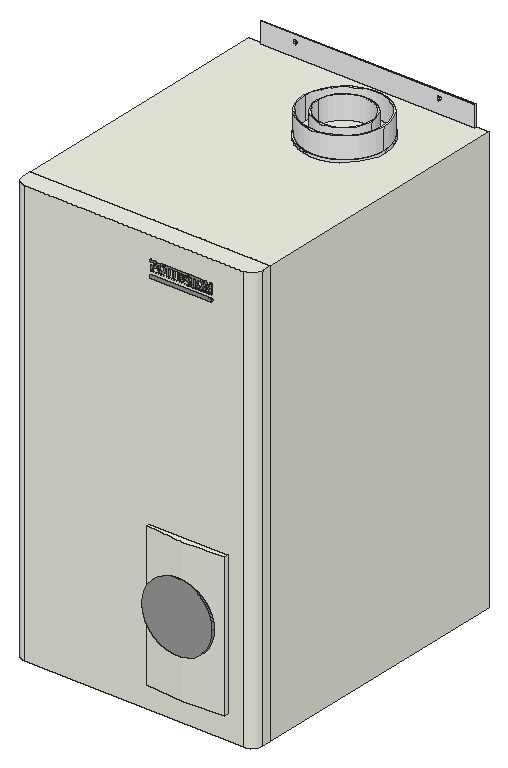
Revit family "Paramount Three 95", category Mechanical Equipment, Revit 2012
Parameters
  Weight (Full) (kg) = 91.8
  URL = "http://www.pottertoncommercial.co.uk/products_details.php?product=paramount_three"
  Seasonal Boiler Efficiency (%) = 95
  Power Consumption (W) = 170
  Model = "Paramount Three 95"
  Maximum Output @ 80/60°C (kW) = 92.2
  Manufacturer = "Potterton Commercial"
  Duct Connector Radius [instance] = if([110mm Flue], 55 mm, if([150mm Flue], 75 mm, 0 mm))  # 55 mm
  Description = "Wall Hung Condensing Boiler"
  110mm Flue [instance] = yes
  150mm Flue [instance] = no
Reference planes
  plane 1 "Center (Front/Back)": y = 0
  plane 2: z = 0
  plane 3 "Center (Left/Right)": x = 0
  plane 4: y = 0
  plane 5: y = -21.5
  plane 6: y = -151.5
  plane 7: y = -151.5
  plane 8: y = -151.5
  plane 9: y = -415.5
  plane 10: y = -285.5
  plane 11: x = 240
  plane 12: x = -240
  plane 13: x = -77
  plane 14: y = -314.5
  plane 15: x = -91.5
Forms (mm)
  Extrusion 1, solid, material "Potterton Paramount Three - Body"
    sketch origin (0, -37.5, 0) x (-1, 0, 0) y (0, -1, 0)
      loop
        line (-240, -37.5) -> (240, -37.5) -> (240, 526.5)
        arc (240, 526.5) -> (233.849, 541.349) -> (219, 547.5) r 21
        line (219, 547.5) -> (-219, 547.5)
        arc (-219, 547.5) -> (-233.849, 541.349) -> (-240, 526.5) r 21
        line (-240, 526.5) -> (-240, -37.5)
    from 0 to 851
  Extrusion 2, solid, material "Potterton Paramount Three - Steel"
    sketch origin (0, 0, 0) x (-1, 0, 0) y (0, 0, 1)
      loop
        line (214, 851) -> (214, 892) -> (-214, 892) -> (-214, 851) -> (214, 851)
      loop
        circle (144, 879) r 4.5
      loop
        circle (-144, 879) r 4.5
    from 0 to -2.5
  Extrusion 3, solid, material "Potterton Paramount Three - Steel"
    sketch origin (72.5, -21.5, 0) x (-1, 0, 0) y (0, -1, 0)
      loop
        circle (0, 130) r 82.5
      loop
        circle (0, 130) r 80
    from 851 to 856
  Extrusion 4, solid, material "Potterton Paramount Three - Steel"
    sketch origin (72.5, -21.5, 0) x (-1, 0, 0) y (0, -1, 0)
      loop
        circle (0, 130) r 80
      loop
        circle (0, 130) r 78
    from 851 to 897
  Extrusion 5, solid, material "Potterton Paramount Three - Steel"
    sketch origin (72.5, -21.5, 0) x (-1, 0, 0) y (0, -1, 0)
      loop
        circle (0, 130) r 55
      loop
        circle (0, 130) r 53
    from 851 to 897
  Extrusion 6, solid, material "Potterton Paramount Three - Steel"
    sketch origin (0, -8.5, 0) x (1, 0, 0) y (0, 1, 0)
      loop
        circle (-85.5, -237) r 9.25
      loop
        circle (-55.5, -237) r 4.85
      loop
        circle (-25.5, -237) r 10.75
      loop
        circle (4.5, -237) r 10.5
      loop
        circle (34.5, -237) r 10.5
      loop
        circle (-100, -266) r 9.25
      loop
        circle (-70, -266) r 9.25
      loop
        circle (-40, -266) r 10.85
      loop
        circle (-10, -266) r 9.85
      loop
        circle (20, -266) r 14
      loop
        circle (50, -266) r 14
    from 30 to 50
  Extrusion 7, void
    sketch origin (0, -39.5, 0) x (1, 0, 0) y (0, 1, 0)
      loop
        line (-194, -498.5) -> (194, -498.5) -> (194, -484.5) -> (206, -463.715) -> (206, -2.285) -> (194, 19.5) -> (194, 31.5) -> (-194, 31.5) -> (-194, 19.5) -> (-206, -2.285) -> (-206, -463.715) -> (-194, -484.5) -> (-194, -498.5)
    from 0 to 50
  Extrusion 8, solid, material "Potterton Paramount Three - Body"
    sketch origin (6.896, -176, 297.5) x (0, 1, 0) y (1, 0, 0)
      loop
        line (-409, 179.704) -> (-416, 179.704)
        arc (-416, 179.704) -> (-421.032, 101.704) -> (-416, 23.704) r 607
        line (-416, 23.704) -> (-409, 23.704) -> (-409, 179.704)
    from -35 to 250
  Extrusion 9, solid, material "Potterton Paramount Three - Cover"
    sketch origin (-0.4, -591, 0) x (1, 0, 0) y (0, 0, 1)
      loop
        circle (96, 195) r 70
    from 0 to 6.6
  Extrusion 10, solid, material "Potterton Paramount Three - Logo"
    sketch origin (-275.872, -585, 698.63) x (1, 0, 0) y (0, 0, 1)
      loop
        arc (316.284, 105.758) -> (319.074, 102.967) -> (316.284, 100.177) r 2.79
        line (316.284, 100.177) -> (309.343, 100.177) -> (309.343, 92.064) -> (312.758, 92.064) -> (312.758, 96.721) -> (316.284, 96.721)
        arc (316.284, 96.721) -> (319.818, 97.833) -> (322.081, 100.766) r 6.176
        arc (322.081, 100.766) -> (333.414, 92.147) -> (337.595, 105.758) r 8.681
        line (337.595, 105.758) -> (342.208, 105.758) -> (342.208, 92.064) -> (345.744, 92.064) -> (345.744, 105.758) -> (352.462, 105.758) -> (352.462, 92.064) -> (355.968, 92.064) -> (355.968, 105.758) -> (362.45, 105.758) -> (362.45, 92.064) -> (374.405, 92.064) -> (374.405, 95.397) -> (365.957, 95.397) -> (365.957, 99.003) -> (372.866, 99.003)
        arc (372.866, 99.003) -> (374.502, 100.639) -> (372.866, 102.274) r 1.635
        line (372.866, 102.274) -> (365.957, 102.274) -> (365.957, 105.758) -> (381.502, 105.758)
        arc (381.502, 105.758) -> (383.244, 104.016) -> (381.502, 102.274) r 1.742
        line (381.502, 102.274) -> (376.945, 102.274)
        arc (376.945, 102.274) -> (375.381, 101.116) -> (376.032, 99.282) r 1.635
        line (376.032, 99.282) -> (392.981, 87.87)
        arc (392.981, 87.87) -> (394.629, 87.8) -> (395.474, 89.217) r 1.611
        line (395.474, 89.217) -> (395.474, 105.758) -> (400.487, 105.758)
        arc (400.487, 105.758) -> (403.579, 92.581) -> (415.781, 98.438) r 8.681
        line (415.781, 98.438) -> (415.781, 92.064) -> (419.317, 92.064) -> (419.317, 102.274) -> (427.82, 92.608)
        arc (427.82, 92.608) -> (429.852, 92.102) -> (431.043, 93.824) r 1.841
        line (431.043, 93.824) -> (431.043, 107.5)
        arc (431.043, 107.5) -> (429.246, 109.297) -> (427.449, 107.5) r 1.797
        line (427.449, 107.5) -> (427.449, 98.467) -> (418.665, 108.738)
        arc (418.665, 108.738) -> (416.852, 109.21) -> (415.781, 107.673) r 1.639
        line (415.781, 107.673) -> (415.781, 102.385)
        arc (415.781, 102.385) -> (412.945, 107.03) -> (407.903, 109.074) r 8.681
        line (407.903, 109.074) -> (388.41, 109.074)
        arc (388.41, 109.074) -> (386.752, 107.416) -> (388.41, 105.758) r 1.658
        line (388.41, 105.758) -> (391.885, 105.758) -> (391.885, 92.494) -> (381.502, 99.55)
        arc (381.502, 99.55) -> (386.264, 104.312) -> (381.502, 109.074) r 4.762
        line (381.502, 109.074) -> (338.151, 109.074)
        arc (338.151, 109.074) -> (336.788, 108.359) -> (336.6, 106.831) r 1.658
        arc (336.6, 106.831) -> (328.47, 108.787) -> (322.46, 102.972) r 8.681
        arc (322.46, 102.972) -> (320.625, 107.291) -> (316.284, 109.074) r 6.176
        line (316.284, 109.074) -> (309.175, 109.074)
        arc (309.175, 109.074) -> (307.516, 107.416) -> (309.175, 105.758) r 1.658
        line (309.175, 105.758) -> (316.284, 105.758)
      loop
        line (398.443, 89.682) -> (398.443, 88.776) -> (430.656, 88.776) -> (430.656, 89.682) -> (398.443, 89.682)
      loop
        line (309.343, 89.682) -> (309.343, 88.776) -> (387.318, 88.776) -> (387.318, 89.682) -> (309.343, 89.682)
      loop
        arc (310.458, 82.011) -> (307.385, 78.937) -> (310.458, 75.864) r 3.074
        line (310.458, 75.864) -> (428.858, 75.864)
        arc (428.858, 75.864) -> (431.932, 78.937) -> (428.858, 82.011) r 3.074
        line (428.858, 82.011) -> (310.458, 82.011)
      loop
        circle (330.755, 100.412) r 5.181
      loop
        circle (316.284, 102.967) r 1.75
      loop
        circle (407.327, 100.412) r 5.181
    from 0 to 1
  Sweep 11, void
    path in 3D
      loop
        line (240, -178, 0) -> (240, -178, 851) -> (-240, -178, 851) -> (-240, -178, 0)
    profile origin (-240, -178, 425.5) x (-1, 0, 0) y (0, -1, 0)
      loop
        line (0, 368.5) -> (-1.5, 367) -> (0, 365.5) -> (0, 368.5)
  Extrusion 12, solid, material "Potterton Paramount Three - Copper Piping"
    sketch origin (-142.529, -37.926, 0) x (1, 0, 0) y (0, 1, 0)
      loop
        circle (142.529, -42.074) r 12.5
    from 0 to 50
  Extrusion 13, solid, material "Potterton Paramount Three - Copper Piping"
    sketch origin (-272.529, -37.926, 0) x (1, 0, 0) y (0, 1, 0)
      loop
        circle (142.529, -42.074) r 20
    from 0 to 50
  Extrusion 14, solid, material "Potterton Paramount Three - Copper Piping"
    sketch origin (-12.529, -37.926, 0) x (1, 0, 0) y (0, 1, 0)
      loop
        circle (142.529, -42.074) r 20
    from 0 to 50
  Extrusion 15, solid, material "Potterton Paramount Three - Copper Piping"
    sketch origin (-331.529, -8.926, 0) x (1, 0, 0) y (0, 1, 0)
      loop
        circle (142.529, -42.074) r 12.5
    from 0 to 50
Cuts and joins
  Extrusion 7, Sweep 11 cuts Extrusion 1
  Extrusion 7 cuts Extrusion 8
Lines and regions (mm)
  sketch lines
    curve 1: line (-240, -178, 851) -> (-240, -178, 0)
    curve 2: line (240, -178, 851) -> (-240, -178, 851)
    curve 3: line (240, -178, 851) -> (240, -178, 0)
Dimensions and locks
  Extrusion 2 to level = 892 mm
  aligned and locked: level to plane 2
Connectors
  piping at (72.5, -151.5, 856), driven by "Duct Connector Radius"
    settings: on Extrusion 3, index 1, connector radius 55 mm, flow factor 0, pipe flow 0.000 m³/h, pressure drop 0.0 Pa, fitting loss kfactor 0, connector angle 0.00°, fixture units 0, engagement length 0 mm, flow configuration 0, flow direction 0, fitting loss method 0, system type 29, joint type 0, gender type 0, connector reference index -1, connector utility 0, adjustable connector no, is connector primary yes, fitting loss table "", connector description ""
  piping at (-189, -51, 0)
    settings: on Extrusion 15, index 2, connector radius 12.5 mm, flow factor 0, pipe flow 0.000 m³/h, pressure drop 0.0 Pa, fitting loss kfactor 0, connector angle 0.00°, fixture units 0, engagement length 0 mm, flow configuration 0, flow direction 0, fitting loss method 0, system type 29, joint type 0, gender type 0, connector reference index -1, connector utility 0, adjustable connector no, is connector primary no, fitting loss table "", connector description ""
  piping at (-130, -80, 0)
    settings: on Extrusion 13, index 3, connector radius 20 mm, flow factor 0, pipe flow 0.000 m³/h, pressure drop 0.0 Pa, fitting loss kfactor 0, connector angle 0.00°, fixture units 0, engagement length 0 mm, flow configuration 0, flow direction 0, fitting loss method 0, system type 29, joint type 0, gender type 0, connector reference index -1, connector utility 0, adjustable connector no, is connector primary no, fitting loss table "", connector description ""
  piping at (0, -80, 0)
    settings: on Extrusion 12, index 4, connector radius 12.5 mm, flow factor 0, pipe flow 10.100 m³/h, pressure drop 0.0 Pa, fitting loss kfactor 0, connector angle 0.00°, fixture units 0, engagement length 0 mm, flow configuration 0, flow direction 0, fitting loss method 0, system type 29, joint type 0, gender type 0, connector reference index -1, connector utility 0, adjustable connector no, is connector primary no, fitting loss table "", connector description ""
  piping at (130, -80, 0)
    settings: on Extrusion 14, index 5, connector radius 20 mm, flow factor 0, pipe flow 0.000 m³/h, pressure drop 0.0 Pa, fitting loss kfactor 0, connector angle 0.00°, fixture units 0, engagement length 0 mm, flow configuration 0, flow direction 0, fitting loss method 0, system type 29, joint type 0, gender type 0, connector reference index -1, connector utility 0, adjustable connector no, is connector primary no, fitting loss table "", connector description ""
